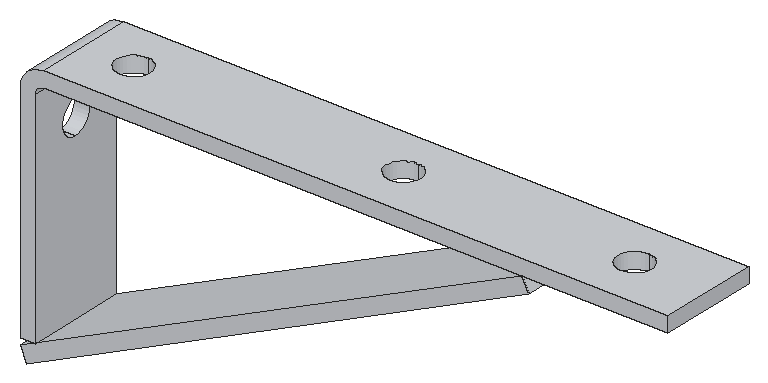
Revit family "Bracket-Unistrut-P1771", category Specialty Equipment, Revit 2012
Parameters
  ecoScorecard_data = "http://products.ecoscorecard.com/atkore/P1771"
  ecoScorecard Product Page = "http://products.ecoscorecard.com/atkore/P1771?action=html"
  Weight Per Piece = 2.06 lbf
  Unit = none
  Unistrut Part Number = "P1771"  # constant formula
  URL = "http://unistrut.us/index.php"
  Thickness = 1/4"
  Subcategory = "Brackets"
  Product Page URL = "http://unistrut.us/index.php?WP=cat_detail&S=S05&P=P1771"
  Power Strut Part Number = "PS 732 10In"  # constant formula
  Part Type = "Bracket"  # constant formula
  Overall Width = 1 5/8"
  Overall Length = 4.34057"
  Overall Height = 8.23574"
  Model = "P1771"
  Material = ""
  Manufacturer Phone - Toll Free = "800-882-5543"  # constant formula
  Manufacturer Phone = "708-339-1610"  # constant formula
  Manufacturer Fax = "708-339-7814"  # constant formula
  Manufacturer Email = "mailto:jshaw@atkore.com"
  Manufacturer Address = "16100 South Lathrop Avenue, Harvey, IL 60426"  # constant formula
  Manufacturer = "Unistrut by Atkore International"  # constant formula
  Load Capacity Note = "Visit the product page for load application and capacity."  # constant formula
  Literature URL = "http://unistrut.us/index.php?WP=LItLibrary"
  Hole Diameter = 9/16"
  Default Elevation = 0"
  Cost Info = "mailto:jshaw@atkore.com"
  Category = "Specialty Equipment"  # constant formula
  CAD URL = "http://unistrut.us/index.php?WP=CAD3d"
  Assembly Code = "D5020100"
  95 CSI = "16070"  # constant formula
  04 CSI = "26 05 48"  # constant formula
Reference planes (in)
  plane 1 "Center (Front/Back)": y = 0
  plane 2: z = 0
  plane 3 "Center (Left/Right)": x = 0
  plane 4: z = 4.34057
  plane 5: x = -4.11787
  plane 6: x = 4.11787
  plane 7: y = 0.8125
  plane 8: y = -0.8125
  plane 9: z = 1.18882
  plane 10: z = 5.56516
  plane 11: z = 9.31516
  plane 12: x = -0.93714
Dimensions and locks (in)
  "Overall Length": plane 4 to level
  equal spacing: plane 5, plane 3 "Center (Left/Right)", plane 6
  "Overall Height": plane 5 to plane 6
  equal spacing: plane 7, plane 1 "Center (Front/Back)", plane 8
  "Overall Width": plane 7 to plane 8
  aligned and locked: level to plane 2
  aligned and locked: plane 1 "Center (Front/Back)" to nested 1
  aligned and locked: nested 1 to plane 4
Nested families (in)
  nested 1: "Bracket" at (-4.01052, 0, 0), type "Bracket"
Definition of nested family "Bracket"
  Parameters (values of type "Bracket")
    ecoScorecard_data = "http://products.ecoscorecard.com/atkore/P2094"
    ecoScorecard Product Page = "http://products.ecoscorecard.com/atkore/P2094?action=html"
    Unit = none
    URL = "http://unistrut.us/index.php"
    Thickness = 1/4"
    Overall Width = 1 5/8"
    Overall Length = 3 1/2"
    Overall Height = 3 5/8"
    Model = "P2270"
    Material = ""
    Manufacturer = "Unistrut by Atkore International"  # constant formula
    Load Capacity Note = "Visit the product page for load application and capacity."  # constant formula
    Literature URL = "http://unistrut.us/index.php?WP=LItLibrary"
    Hole Diameter = 9/16"
    Default Elevation = 48"
    CAD URL = "http://unistrut.us/index.php?WP=CAD3d"
    Assembly Code = "D5020100"
    Angle = 85.50°
  Reference planes (in)
    plane 1 "Center (Front/Back)": y = 0
    plane 2: z = 0
    plane 3 "Center (Left/Right)": x = 0
    plane 4: x = 1.81258
    plane 5: x = -2.18743
    plane 6: z = 10.5
  Forms (in)
    Extrusion 1, solid
      sketch origin (-0.10735, 0, 2.15298) x (0, 0, -1) y (1, 0, 0)
        loop
          line (-1.93759, 0.37502) -> (-1.93759, 8.12839) -> (-1.93759, 10.50047) -> (-2.18759, 10.50047) -> (-2.18759, 0.37502)
          spline (-2.18759, 0.37502) -> (-2.18417, 0.32413) -> (-2.1742, 0.27533) -> (-2.15812, 0.22905) -> (-2.13639, 0.18574) -> (-2.10945, 0.14586) -> (-2.07775, 0.10984) -> (-2.04174, 0.07814) -> (-2.00185, 0.0512) -> (-1.95855, 0.02947) -> (-1.91227, 0.0134) -> (-1.86346, 0.00342) -> (-1.81258, 0)
          line (-1.81258, 0) -> (1.81258, 0) -> (1.81258, 0.25001) -> (-1.81258, 0.25001)
          spline (-1.81258, 0.25001) -> (-1.82954, 0.25115) -> (-1.84581, 0.25447) -> (-1.86123, 0.25983) -> (-1.87567, 0.26708) -> (-1.88896, 0.27606) -> (-1.90097, 0.28662) -> (-1.91154, 0.29863) -> (-1.92052, 0.31193) -> (-1.92776, 0.32636) -> (-1.93312, 0.34179) -> (-1.93645, 0.35806) -> (-1.93759, 0.37502)
      from -0.8125 to 0.8125
    Extrusion 2, void
      sketch origin (-0.10735, 0, 2.15298) x (1, 0, 0) y (0, 1, 0)
        loop
          circle (9.31146, 0) r 0.27901
        loop
          circle (5.56516, 0) r 0.28254
        loop
          circle (1.18882, 0) r 0.28194
      from 1.54289 to 3.15569
    Extrusion 3, solid
      sketch origin (-0.10735, 0, 2.15298) x (0, 0, -1) y (1, 0, 0)
        loop
          line (-1.93759, 8.12839) -> (1.92718, 0) -> (2.15298, 0.10735) -> (-1.71179, 8.23574) -> (-1.93759, 8.12839)
      from -0.8125 to 0.8125
    Extrusion 4, void
      sketch origin (-0.10735, 0, 2.15298) x (0, 0, -1) y (0, 1, 0)
        loop
          circle (-1.12473, -0.00068) r 0.28311
      from -1.61199 to 2.06575
  Cuts and joins
    Extrusion 2, Extrusion 4 cuts Extrusion 1
  Dimensions and locks (in)
    plane 5 to plane 4 = 4"
    plane 6 to level = 10 1/2"
    aligned and locked: level to plane 2
